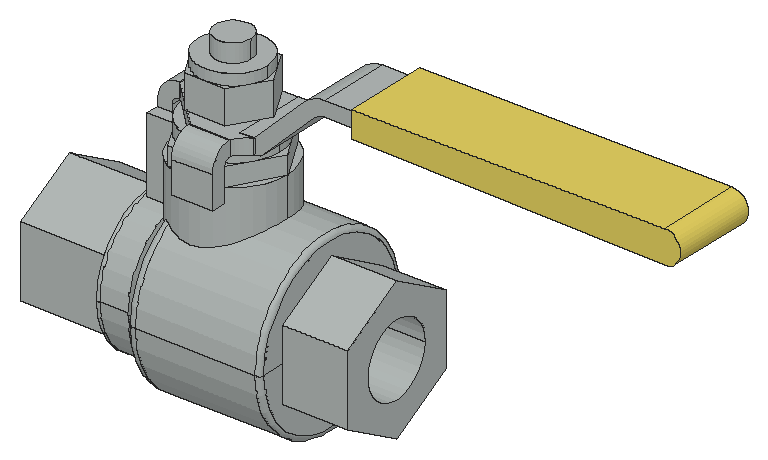
Revit family "QP00500000", category Apparecchi idraulici, Revit 2020
Family settings
  Quota connettore circolare = Usa diametro
  Tipo di parte = Normale
  Numero OmniClass = 23.45.00.00
  Titolo OmniClass = Sanitary, Laundry, and Cleaning Equipment
  Basato su piano di lavoro = No
  Sempre verticale = Sì
  Taglio con vuoti quando caricato = No
  Condiviso = No
  Punto di calcolo locali = No
Parameters
  URL = "https://web.cimberio.it/index.php/figura/98?subcategoria_id=95351"
  Temperatura di esercizio = "-20 ÷ 60°C"
  Prospetto di default = 0 mm
  Produttore = "CIMBERIO SPA"
  Pressione nominale = "MOP 5"
  Modello = "Cim 12G"
  Materiale = "Prodotto in lega di ottone conforme alla norma EN 12165-CW617N-DW"
  Descrizione = "Utilizzato nell’impiantistica distributiva di gas a bassa pressione per le categorie:\r\nGas naturali: gas derivati dal petrolio (Metano) e gas di ricambio.\r\nGas di città: prodotti secondo i diversi procedimenti (Cracking - Cokerie - ecc.).\r\nGas liquidi: propano e miscele di gas propano/butano."
  DN Model [instance] = QP00501008 : QP00501008
  DN [instance] = 10 mm
  Commenti sul tipo = "Realizzato in ottemperanza ai requisiti gestionali della norma EN ISO 9001.\r\nCollaudato al 100% secondo la normativa EN 12266-1."
Reference planes
  plane 1 "Centro (Fronte/Retro)": y = 0
  plane 2: z = 0
  plane 3 "Centro (Sinistra/Destra)": x = 0
Dimensions and locks
  aligned and locked: level to plane 2
Nested families
  nested 1: "QP00501008" at (0, 0, 0), type <- "DN Model", type "QP00501008"
  nested 2: "QP00501008" at (0, 0, 0), type <- "DN Model", type "QP00501008"
  nested 3: "QP00501008" at (0, 0, 0), type <- "DN Model", type "QP00501008"
  nested 4: "QP00501008" at (0, 0, 0), type <- "DN Model", type "QP00501008"
  nested 5: "QP00501008" at (0, 0, 0), type <- "DN Model", type "QP00501008"
  nested 6: "QP00501008" at (0, 0, 0), type <- "DN Model", type "QP00501008"
  nested 7: "QP00501008" at (0, 0, 0), type <- "DN Model", type "QP00501008"
  nested 8: "QP00501008" at (0, 0, 0), type <- "DN Model", type "QP00501008"
  nested 9: "QP00501008" at (0, 0, 0), type <- "DN Model", type "QP00501008"
  nested 10: "QP00501008" at (0, 0, 0), type <- "DN Model", type "QP00501008"
  nested 11: "QP00501008" at (0, 0, 0), type <- "DN Model", type "QP00501008"
Connectors
  piping at (22.5, 0, 0), diameter 10, driven by "DN"
    settings: on nested 1, index 1, connector inside diameter 609.6 mm, connector length 0 mm, flow factor 0, pipe flow 0.0 L/s, pressure drop 0.0 Pa, fitting loss kfactor 0, connector angle 0.00°, fixture units 0, engagement length 0 mm, angle of deflection 0.00°, flow configuration 0, flow direction 0, fitting loss method 0, system type 7, joint type 0, gender type 0, connector reference index -1, connector utility 0, adjustable connector no, is connector primary yes, connector description ""
  piping at (-22.5, 0, 0), diameter 10, driven by "DN"
    settings: on nested 1, index 2, connector inside diameter 609.6 mm, connector length 0 mm, flow factor 0, pipe flow 0.0 L/s, pressure drop 0.0 Pa, fitting loss kfactor 0, connector angle 0.00°, fixture units 0, engagement length 0 mm, angle of deflection 0.00°, flow configuration 0, flow direction 0, fitting loss method 0, system type 7, joint type 0, gender type 0, connector reference index -1, connector utility 0, adjustable connector no, is connector primary no, connector description ""
Definition of nested family "QP00501008"
  Parameters (values of type "QP00501008")
    Default Elevation = 0 mm
  Reference planes
    plane 1 "Centro (Fronte/Retro)": y = 0
    plane 2: z = 0
    plane 3 "Centro (Sinistra/Destra)": x = 0
  Forms (mm)
    Extrusion 1, solid
      sketch origin (-11, 0, 0) x (0, 0, 1) y (0, 1, 0)
        loop
          circle (0, 0) r 5
        loop
          line (-9.75, 0) -> (-4.875, -8.444) -> (4.875, -8.444) -> (9.75, 0) -> (4.875, 8.444) -> (-4.875, 8.444) -> (-9.75, 0)
      from 0 to 11.5
    Extrusion 2, solid
      sketch origin (11, 0, 0) x (0, 0, 1) y (0, -1, 0)
        loop
          circle (0, 0) r 5
        loop
          line (-9.75, 0) -> (-4.875, -8.444) -> (4.875, -8.444) -> (9.75, 0) -> (4.875, 8.444) -> (-4.875, 8.444) -> (-9.75, 0)
      from 0 to 11.5
    Extrusion 3, solid
      sketch origin (0, 0, 0) x (1, 0, 0) y (0, 1, 0)
        loop
          circle (0, 0) r 7.5
        loop
          circle (0, 0) r 6
      from 5 to 17.5
    Extrusion 4, solid
      sketch origin (0, 0, 0) x (1, 0, 0) y (0, 1, 0)
        loop
          line (-7.5, 0) -> (-3.75, -6.495) -> (3.75, -6.495) -> (7.5, 0) -> (3.75, 6.495) -> (-3.75, 6.495) -> (-7.5, 0)
      from 17.5 to 20
    Extrusion 5, solid
      sketch origin (0, 0, 0) x (1, 0, 0) y (0, 1, 0)
        loop
          circle (0, 0) r 6.495
        loop
          circle (0, 0) r 4.238
      from 20 to 22.05
    Extrusion 6, solid
      sketch origin (0, 0, 0) x (1, 0, 0) y (0, 0, 1)
        loop
          line (21.001, 32.847) -> (21.001, 29.247) -> (63.98, 28.797)
          arc (63.98, 28.797) -> (66.23, 31.047) -> (63.98, 33.297) r 2.25
          line (63.98, 33.297) -> (21.001, 32.847)
      from -5.8 to 5.788
    Extrusion 7, solid
      sketch origin (0, 0, 0) x (1, 0, 0) y (0, 1, 0)
        loop
          line (-10, 0) -> (-10, -2.269) -> (-5, -2.269) -> (-5, 0) -> (-10, 0)
      from 8.773 to 20
    Extrusion 8, solid
      sketch origin (0, 0, 24.05) x (1, 0, 0) y (0, 1, 0)
        loop
          line (-5.6, 0) -> (-2.8, -4.85) -> (2.8, -4.85) -> (5.6, 0) -> (2.8, 4.85) -> (-2.8, 4.85) -> (-5.6, 0)
      from 0 to 4.5
    Extrusion 9, solid
      sketch origin (0, 0, 28.55) x (1, 0, 0) y (0, 1, 0)
        loop
          circle (0, 0) r 4.75
      from 0 to 1.5
    Extrusion 10, solid
      sketch origin (0, 0, 28.55) x (1, 0, 0) y (0, 1, 0)
        loop
          circle (0, 0) r 2.5
      from 1.5 to 4
    Revolve 11, solid
      sketch origin (0, 0, 0) x (1, 0, 0) y (0, 1, 0)
        loop
          line (-11, 5) -> (13.5, 5) -> (13.5, 11.55)
          arc (13.5, 11.55) -> (13.295, 12.045) -> (12.8, 12.25) r 0.7
          line (12.8, 12.25) -> (-3.602, 12.25)
          arc (-3.602, 12.25) -> (-4.008, 12.225) -> (-4.396, 12.104) r 1.68
          line (-4.396, 12.104) -> (-6.5, 10) -> (-10.383, 10)
          arc (-10.383, 10) -> (-10.811, 9.897) -> (-11, 9.5) r 0.511
          line (-11, 9.5) -> (-11, 5)
        axis (-11, 0) -> (13.5, 0)
      angle from 0 to 360
    Extrusion 12, solid
      sketch origin (0, 0, 0) x (1, 0, 0) y (0, 0, 1)
        loop
          arc (16.654, 32.047) -> (15.123, 31.743) -> (13.826, 30.876) r 4
          line (13.826, 30.876) -> (7, 24.05) -> (5, 24.05) -> (5, 22.05) -> (7, 22.05)
          arc (7, 22.05) -> (7.765, 22.202) -> (8.414, 22.636) r 2
          line (8.414, 22.636) -> (15.241, 29.462)
          arc (15.241, 29.462) -> (15.889, 29.895) -> (16.654, 30.047) r 2
          line (16.654, 30.047) -> (21.001, 30.047) -> (21.001, 32.047) -> (16.654, 32.047)
      from -5 to 5
    Extrusion 13, solid
      sketch origin (0, 0, 28.55) x (1, 0, 0) y (0, 1, 0)
        loop
          line (-7, 5) -> (-7, -0.4) -> (-0.4, -7) -> (5.172, -7)
          arc (5.172, -7) -> (5.879, -5.879) -> (7, -5.172) r 3
          line (7, -5.172) -> (7, 5) -> (-7, 5)
      from -6.5 to -4.5
    Extrusion 14, solid
      sketch origin (0, 0, 0) x (1, 0, 0) y (0, 0, 1)
        loop
          arc (-6.987, 24.05) -> (-9.117, 23.176) -> (-10, 21.05) r 3
          line (-10, 21.05) -> (-10, 16.649) -> (-7.987, 16.649) -> (-7.987, 21.05)
          arc (-7.987, 21.05) -> (-7.694, 21.757) -> (-6.987, 22.05) r 1
          line (-6.987, 22.05) -> (-6.987, 24.05)
      from -5 to 0.4
    Extrusion 15, solid
      sketch origin (4.706, -0.013, 0) x (0, 1, 0) y (0, 0, 1)
        loop
          arc (-6.987, 24.05) -> (-9.117, 23.176) -> (-10, 21.05) r 3
          line (-10, 21.05) -> (-10, 16.649) -> (-7.987, 16.649) -> (-7.987, 21.05)
          arc (-7.987, 21.05) -> (-7.694, 21.757) -> (-6.987, 22.05) r 1
          line (-6.987, 22.05) -> (-6.987, 24.05)
      from -5.106 to 0.466
  Dimensions and locks
    aligned and locked: level to plane 2
